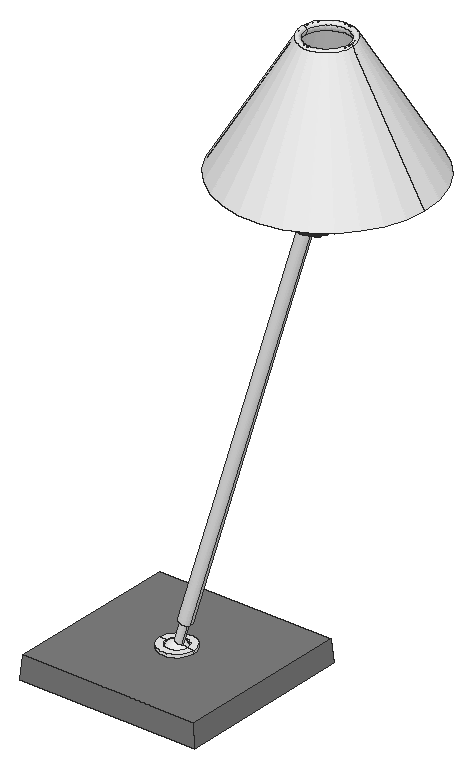
Revit family "Indoor_Table Lamp_Santa&Cole_Gira", category Luminarias, Revit 2018
Family settings
  Cota de conector redondo = Diámetro de uso
  Tipo de pieza = Normal
  Número OmniClass = 23.80.70.00
  Título OmniClass = Lighting
  Se basa en plano de trabajo = No
  Siempre vertical = Sí
  Corte con vacíos al cargar = No
  Origen de luz = Sí
  Compartido = No
  Punto de cálculo de habitación = No
Parameters (values of type "Natural anodized aluminium")
  Wattage = 9.5 W
  Technical Information = "https://www.santacole.com/recursos/productos/downloads/pdf_espec_tecnicas/SC_Gira_data%20sheet.pdf"
  Light Source Symbol Size = 609.6 mm
  built-in parameter 1150110 = 1 (stored number, unit not read)
  URL = "https://www.santacole.com/en/catalogue/table-lamps/gira"
  Manufacturer website = "http://www.santacole.com"
  Lampshade Material = Santa & Cole - Natural Anodized Aluminium
  built-in parameter 1114217 = 1 (stored number, unit not read)
  built-in parameter 1150109 = 1 (stored number, unit not read)
  Energy Label = "https://www.santacole.com/recursos/productos/downloads/pdf_energy_label/Energy%20Label_GIRA_with_bulb.pdf"
  Designed by = "J.M. Massana, J.M. Tremoleda, Mariano Ferrer . 1978"
  Contact phone = "+34.938.619.100"
  Contact e-mail = "info@santacole.com"
  built-in parameter 1150134 = (empty or 0)
  built-in parameter 1150113 = 1 (stored number, unit not read)
  Modelo = "Gira"
  Fabricante = "Santa & Cole"
  Lumens = 1411.15 lm
  built-in parameter 1150115 = 1 (stored number, unit not read)
  built-in parameter 1150105 = 112.3 (stored number, unit not read)
  Load = 9.5 W
  built-in parameter 1150137 = (empty or 0)
  built-in parameter 1150139 = (empty or 0)
  built-in parameter 1150112 = 1 (stored number, unit not read)
  built-in parameter 1150114 = 1 (stored number, unit not read)
  Lamp = ""
  built-in parameter 1150132 = (empty or 0)
  built-in parameter 1150102 = (empty or 0)
  built-in parameter 1150138 = (empty or 0)
  built-in parameter 1150107 = 2700 (stored number, unit not read)
  built-in parameter 1150106 = 1.123 (stored number, unit not read)
  built-in parameter 1150104 = 13.8 (stored number, unit not read)
  Code = "GIR21/GIR22/GIR23"
  Dimming Lamp Color Temperature Shift = (empty or 0)
  Color Filter = 16777215
  built-in parameter 1114218 = 1 (stored number, unit not read)
  Assembly instructions - UL = "https://www.santacole.com/recursos/productos/downloads/pdf_montaje/Gira_im_UL.pdf"
  Assembly instructions - CE = "https://www.santacole.com/recursos/productos/downloads/pdf_montaje/Gira_im_CE.PDF"
  built-in parameter 1150133 = 10 (stored number, unit not read)
  Apparent Load = 9.5 VA
Types (3, lengths in mm): name | Lampshade Material
  Brass Shade | Santa & Cole - Semi Brass
  Black anodized aluminium | Santa & Cole - Black Anodized Aluminium
  Natural anodized aluminium | Santa & Cole - Natural Anodized Aluminium
Reference planes
  plane 1 "Light Source Axis (F/B)": y = 0
  plane 2: z = 0
  plane 3 "Light Source Axis (L/R)": x = 123.104
  plane 4 "Light Source Elevation": z = 492.966
Forms (mm)
  Extrusion 1, solid, material "Santa & Cole - Grey Zamak"
    sketch origin (0, 0, 0) x (1, 0, 0) y (0, 1, 0)
      loop
        circle (-61, 61) r 5.15
      loop
        circle (61, 61) r 5.15
      loop
        circle (-61, -61) r 5.15
      loop
        circle (61, -61) r 5.15
    from 0 to 3
  Blend 2, solid, material "Santa & Cole - Grey Zamak"
    base sketch origin (0, 0, 0) x (1, 0, 0) y (0, 1, 0)
      loop
        line (-71.259, 71.2) -> (-71.259, -71.2) -> (71.259, -71.2) -> (71.259, 71.2) -> (-71.259, 71.2)
    top sketch origin (0, 0, 0) x (1, 0, 0) y (0, 1, 0)
      loop
        line (-70, -69.9) -> (70, -69.9) -> (70, 69.9) -> (-70, 69.9) -> (-70, -69.9)
    from 3 to 21
  Revolve 3, solid, material "Santa & Cole - Chrome Metal"
    sketch origin (0, 0, 0) x (1, 0, 0) y (0, 0, 1)
      loop
        arc (0, 26.577) -> (-5.133, 25.061) -> (-8.62, 21) r 9.45
        line (-8.62, 21) -> (0, 21) -> (0, 26.577)
      axis (0, 21) -> (0, 26.577)
    angle from 0 to 360
  Revolve 4, solid, material "Santa & Cole - Chrome Metal"
    sketch origin (0, 0, 0) x (1, 0, 0) y (0, 0, 1)
      loop
        line (-14, 21) -> (-8.674, 21)
        arc (-8.674, 21) -> (-8.361, 21.638) -> (-8, 22.25) r 9.5
        line (-8, 22.25) -> (-8.7, 23.25) -> (-14, 23.25) -> (-14, 21)
      axis (0, 21) -> (0, 23.25)
    angle from 0 to 360
  Revolve 5, solid, material "Santa & Cole - Semi Plastic Black"
    sketch origin (-5.856, 0, 0.878) x (0.956305, 0, -0.292372) y (0.292372, 0, 0.956305)
      loop
        line (-5, 383.127) -> (0, 383.127) -> (0, 440.127) -> (-21, 440.127) -> (-21, 396.127)
        arc (-21, 396.127) -> (-15.336, 386.752) -> (-5, 383.127) r 16.193
      axis (0, 383.127) -> (0, 440.127)
    angle from 0 to 360
  Revolve 6, solid, material "Santa & Cole - Natural Anodized Aluminium" <- "Lampshade Material"
    sketch origin (0, 0, -10) x (1, 0, 0) y (0, 0, 1)
      loop
        line (42.825, 421.773) -> (43.756, 421.773) -> (102.512, 520.314)
        arc (102.512, 520.314) -> (103.994, 520.935) -> (105.023, 519.7) r 1.352
        arc (105.023, 519.7) -> (104.46, 517.147) -> (102.645, 515.264) r 4.812
        line (102.645, 515.264) -> (103.048, 514.573)
        arc (103.048, 514.573) -> (105.165, 516.769) -> (105.821, 519.747) r 5.612
        arc (105.821, 519.747) -> (104.184, 521.712) -> (101.825, 520.724) r 2.152
        line (101.825, 520.724) -> (42.825, 421.773)
      axis (122.825, 520.724) -> (122.825, 421.773)
    angle from 0 to 360
  Revolve 7, solid, material "Santa & Cole - Chrome Metal"
    sketch origin (-5.856, 0, 0.878) x (0.956305, 0, -0.292372) y (0.292372, 0, 0.956305)
      loop
        line (-3, 43.627) -> (-3, 21.927) -> (0, 20.124) -> (0, 383.127) -> (-5, 383.127) -> (-5, 43.627) -> (-3, 43.627)
      axis (0, 20.124) -> (0, 383.127)
    angle from 0 to 360
Lines and regions (mm)
  model lines, style "Predeterminado", not visible
    curve 1: line (0, -3.75, 375) -> (0, 3.75, 375)
    curve 2: line (0, 3.75, 375) -> (0, -3.75, 375)
    curve 3: line (0, 15, 86.75) -> (0, -15, 86.75)
    curve 4: line (0, -10, 65) -> (0, -15, 82.176)
    curve 5: line (0, -10, 25) -> (0, -10, 65)
    curve 6: line (0, 6.344, 17.27) -> (0, 10, 25)
    curve 7: line (0, -1.951, 15.192) -> (0, 6.344, 17.27)
    curve 8: line (0, -10, 25) -> (0, -1.951, 15.192)
    curve 9: line (0, 10, 25) -> (0, 10, 65)
    curve 10: line (0, 15, 82.176) -> (0, 10, 65)
    curve 11: line (0, 15, 86.75) -> (0, -15, 86.75)
Dimensions and locks
  aligned and locked: plane 3 "Light Source Axis (L/R)" to imposter light
  aligned and locked: plane 1 "Light Source Axis (F/B)" to imposter light
  aligned and locked: plane 4 "Light Source Elevation" to imposter light
  aligned and locked: level to plane 2
